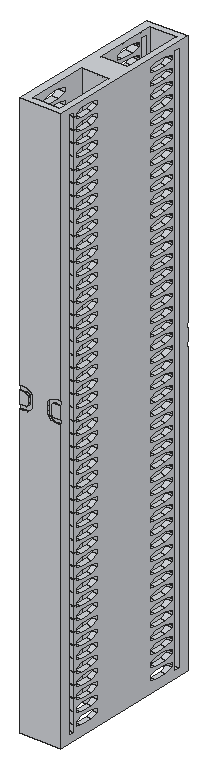
Revit family
Parameters
  Material ID = "760072785"
  Description = "Vertical Cable Management Kit, 6in X 84in (152mm X 2134mm) Double Sided, With Doors, Silver"
Reference planes (in)
  plane 1 "Center (Front/Back)": y = 0
  plane 2: z = 0
  plane 3 "Center (Left/Right)": x = 0
Forms (in)
  Extrusion 1, void, not visible
    sketch origin (0, 0, 0) x (1, 0, 0) y (0, 0, 1)
      loop
        line (-7.85662, 0.48089) -> (-7.85662, -0.39002) -> (-7.67285, -0.39002) -> (-7.67285, -0.64002) -> (-7.0736, -0.64002) -> (-7.0736, -0.39002) -> (-6.92978, -0.39002) -> (-6.92978, 0.48089) -> (-7.85662, 0.48089)
    from -3.79215 to 12
  Extrusion 2, void, not visible
    sketch origin (0, 0, 0) x (1, 0, 0) y (0, 0, 1)
      loop
        line (-8.21397, 0.42583) -> (-8.21397, -0.07417) -> (-8.08657, -0.07417) -> (-8.08657, -0.27417) -> (-7.83657, -0.27417) -> (-7.83657, -0.07417) -> (-7.72497, -0.07417) -> (-7.72497, 0.42583) -> (-8.21397, 0.42583)
    from 0.74059 to 3.34334
  Extrusion 3, solid
    sketch origin (0, 0, 0) x (1, 0, 0) y (0, 0, 1)
      loop
        line (-2, 42) -> (-2, -42) -> (4, -42) -> (4, 42) -> (-2, 42)
    from 0 to 23.5
  Extrusion 4, void
    sketch origin (-5.59283, 0, 42) x (0, 1, 0) y (1, 0, 0)
      loop
        line (-1, 4.74283) -> (-1, 8.74283) -> (-10, 8.74283) -> (-10, 4.74283) -> (-1, 4.74283)
      loop
        line (-22.5, 4.74283) -> (-13.5, 4.74283) -> (-13.5, 8.74283) -> (-22.5, 8.74283) -> (-22.5, 4.74283)
    from 0 to 110
  Extrusion 5, void
    sketch origin (4, 0, 20.63333) x (0, 0, 1) y (0, 1, 0)
      loop
        line (-61.63333, -2.51) -> (20.53667, -2.51) -> (20.53667, -1.54) -> (-61.63333, -1.54) -> (-61.63333, -2.51)
      loop
        line (-61.63333, -20.99) -> (-61.63333, -21.96) -> (20.53667, -21.96) -> (20.53667, -20.99) -> (-61.63333, -20.99)
    from 0 to 12
  Extrusion 6, void
    sketch origin (4, 0, 20.63333) x (0, 0, 1) y (0, 1, 0)
      loop
        line (20.18661, -6.98) -> (20.53667, -5.835) -> (20.53667, -4.905) -> (20.53667, -3.975) -> (20.18661, -2.83) -> (19.91167, -2.83) -> (19.91167, -2.2587) -> (19.81167, -2.2587) -> (19.81167, -2.83) -> (19.53673, -2.83) -> (19.18667, -3.975) -> (19.18667, -5.835) -> (19.53673, -6.98) -> (20.18661, -6.98)
      loop
        line (18.43661, -6.98) -> (18.78667, -5.835) -> (18.78667, -4.905) -> (18.78667, -3.975) -> (18.43661, -2.83) -> (18.16167, -2.83) -> (18.16167, -2.2587) -> (18.06167, -2.2587) -> (18.06167, -2.83) -> (17.78673, -2.83) -> (17.43667, -3.975) -> (17.43667, -5.835) -> (17.78673, -6.98) -> (18.43661, -6.98)
      loop
        line (16.68661, -6.98) -> (17.03667, -5.835) -> (17.03667, -4.905) -> (17.03667, -3.975) -> (16.68661, -2.83) -> (16.41167, -2.83) -> (16.41167, -2.2587) -> (16.31167, -2.2587) -> (16.31167, -2.83) -> (16.03673, -2.83) -> (15.68667, -3.975) -> (15.68667, -5.835) -> (16.03673, -6.98) -> (16.68661, -6.98)
      loop
        line (14.93661, -6.98) -> (15.28667, -5.835) -> (15.28667, -4.905) -> (15.28667, -3.975) -> (14.93661, -2.83) -> (14.66167, -2.83) -> (14.66167, -2.2587) -> (14.56167, -2.2587) -> (14.56167, -2.83) -> (14.28673, -2.83) -> (13.93667, -3.975) -> (13.93667, -5.835) -> (14.28673, -6.98) -> (14.93661, -6.98)
      loop
        line (13.18661, -6.98) -> (13.53667, -5.835) -> (13.53667, -4.905) -> (13.53667, -3.975) -> (13.18661, -2.83) -> (12.91167, -2.83) -> (12.91167, -2.2587) -> (12.81167, -2.2587) -> (12.81167, -2.83) -> (12.53673, -2.83) -> (12.18667, -3.975) -> (12.18667, -5.835) -> (12.53673, -6.98) -> (13.18661, -6.98)
      loop
        line (11.43661, -6.98) -> (11.78667, -5.835) -> (11.78667, -4.905) -> (11.78667, -3.975) -> (11.43661, -2.83) -> (11.16167, -2.83) -> (11.16167, -2.2587) -> (11.06167, -2.2587) -> (11.06167, -2.83) -> (10.78673, -2.83) -> (10.43667, -3.975) -> (10.43667, -5.835) -> (10.78673, -6.98) -> (11.43661, -6.98)
      loop
        line (9.68661, -6.98) -> (10.03667, -5.835) -> (10.03667, -4.905) -> (10.03667, -3.975) -> (9.68661, -2.83) -> (9.41167, -2.83) -> (9.41167, -2.2587) -> (9.31167, -2.2587) -> (9.31167, -2.83) -> (9.03673, -2.83) -> (8.68667, -3.975) -> (8.68667, -5.835) -> (9.03673, -6.98) -> (9.68661, -6.98)
      loop
        line (7.93661, -6.98) -> (8.28667, -5.835) -> (8.28667, -4.905) -> (8.28667, -3.975) -> (7.93661, -2.83) -> (7.66167, -2.83) -> (7.66167, -2.2587) -> (7.56167, -2.2587) -> (7.56167, -2.83) -> (7.28673, -2.83) -> (6.93667, -3.975) -> (6.93667, -5.835) -> (7.28673, -6.98) -> (7.93661, -6.98)
      loop
        line (6.18661, -6.98) -> (6.53667, -5.835) -> (6.53667, -4.905) -> (6.53667, -3.975) -> (6.18661, -2.83) -> (5.91167, -2.83) -> (5.91167, -2.2587) -> (5.81167, -2.2587) -> (5.81167, -2.83) -> (5.53673, -2.83) -> (5.18667, -3.975) -> (5.18667, -5.835) -> (5.53673, -6.98) -> (6.18661, -6.98)
      loop
        line (4.43661, -6.98) -> (4.78667, -5.835) -> (4.78667, -4.905) -> (4.78667, -3.975) -> (4.43661, -2.83) -> (4.16167, -2.83) -> (4.16167, -2.2587) -> (4.06167, -2.2587) -> (4.06167, -2.83) -> (3.78673, -2.83) -> (3.43667, -3.975) -> (3.43667, -5.835) -> (3.78673, -6.98) -> (4.43661, -6.98)
      loop
        line (2.68661, -6.98) -> (3.03667, -5.835) -> (3.03667, -4.905) -> (3.03667, -3.975) -> (2.68661, -2.83) -> (2.41167, -2.83) -> (2.41167, -2.2587) -> (2.31167, -2.2587) -> (2.31167, -2.83) -> (2.03673, -2.83) -> (1.68667, -3.975) -> (1.68667, -5.835) -> (2.03673, -6.98) -> (2.68661, -6.98)
      loop
        line (0.93661, -6.98) -> (1.28667, -5.835) -> (1.28667, -4.905) -> (1.28667, -3.975) -> (0.93661, -2.83) -> (0.66167, -2.83) -> (0.66167, -2.2587) -> (0.56167, -2.2587) -> (0.56167, -2.83) -> (0.28673, -2.83) -> (-0.06333, -3.975) -> (-0.06333, -5.835) -> (0.28673, -6.98) -> (0.93661, -6.98)
      loop
        line (-0.81339, -6.98) -> (-0.46333, -5.835) -> (-0.46333, -4.905) -> (-0.46333, -3.975) -> (-0.81339, -2.83) -> (-1.08833, -2.83) -> (-1.08833, -2.2587) -> (-1.18833, -2.2587) -> (-1.18833, -2.83) -> (-1.46327, -2.83) -> (-1.81333, -3.975) -> (-1.81333, -5.835) -> (-1.46327, -6.98) -> (-0.81339, -6.98)
      loop
        line (-2.56339, -6.98) -> (-2.21333, -5.835) -> (-2.21333, -4.905) -> (-2.21333, -3.975) -> (-2.56339, -2.83) -> (-2.83833, -2.83) -> (-2.83833, -2.2587) -> (-2.93833, -2.2587) -> (-2.93833, -2.83) -> (-3.21327, -2.83) -> (-3.56333, -3.975) -> (-3.56333, -5.835) -> (-3.21327, -6.98) -> (-2.56339, -6.98)
      loop
        line (-4.31339, -6.98) -> (-3.96333, -5.835) -> (-3.96333, -4.905) -> (-3.96333, -3.975) -> (-4.31339, -2.83) -> (-4.58833, -2.83) -> (-4.58833, -2.2587) -> (-4.68833, -2.2587) -> (-4.68833, -2.83) -> (-4.96327, -2.83) -> (-5.31333, -3.975) -> (-5.31333, -5.835) -> (-4.96327, -6.98) -> (-4.31339, -6.98)
      loop
        line (-6.06339, -6.98) -> (-5.71333, -5.835) -> (-5.71333, -4.905) -> (-5.71333, -3.975) -> (-6.06339, -2.83) -> (-6.33833, -2.83) -> (-6.33833, -2.2587) -> (-6.43833, -2.2587) -> (-6.43833, -2.83) -> (-6.71327, -2.83) -> (-7.06333, -3.975) -> (-7.06333, -5.835) -> (-6.71327, -6.98) -> (-6.06339, -6.98)
      loop
        line (-7.81339, -6.98) -> (-7.46333, -5.835) -> (-7.46333, -4.905) -> (-7.46333, -3.975) -> (-7.81339, -2.83) -> (-8.08833, -2.83) -> (-8.08833, -2.2587) -> (-8.18833, -2.2587) -> (-8.18833, -2.83) -> (-8.46327, -2.83) -> (-8.81333, -3.975) -> (-8.81333, -5.835) -> (-8.46327, -6.98) -> (-7.81339, -6.98)
      loop
        line (-9.56339, -6.98) -> (-9.21333, -5.835) -> (-9.21333, -4.905) -> (-9.21333, -3.975) -> (-9.56339, -2.83) -> (-9.83833, -2.83) -> (-9.83833, -2.2587) -> (-9.93833, -2.2587) -> (-9.93833, -2.83) -> (-10.21327, -2.83) -> (-10.56333, -3.975) -> (-10.56333, -5.835) -> (-10.21327, -6.98) -> (-9.56339, -6.98)
      loop
        line (-11.31339, -6.98) -> (-10.96333, -5.835) -> (-10.96333, -4.905) -> (-10.96333, -3.975) -> (-11.31339, -2.83) -> (-11.58833, -2.83) -> (-11.58833, -2.2587) -> (-11.68833, -2.2587) -> (-11.68833, -2.83) -> (-11.96327, -2.83) -> (-12.31333, -3.975) -> (-12.31333, -5.835) -> (-11.96327, -6.98) -> (-11.31339, -6.98)
      loop
        line (-13.06339, -6.98) -> (-12.71333, -5.835) -> (-12.71333, -4.905) -> (-12.71333, -3.975) -> (-13.06339, -2.83) -> (-13.33833, -2.83) -> (-13.33833, -2.2587) -> (-13.43833, -2.2587) -> (-13.43833, -2.83) -> (-13.71327, -2.83) -> (-14.06333, -3.975) -> (-14.06333, -5.835) -> (-13.71327, -6.98) -> (-13.06339, -6.98)
      loop
        line (-14.81339, -6.98) -> (-14.46333, -5.835) -> (-14.46333, -4.905) -> (-14.46333, -3.975) -> (-14.81339, -2.83) -> (-15.08833, -2.83) -> (-15.08833, -2.2587) -> (-15.18833, -2.2587) -> (-15.18833, -2.83) -> (-15.46327, -2.83) -> (-15.81333, -3.975) -> (-15.81333, -5.835) -> (-15.46327, -6.98) -> (-14.81339, -6.98)
      loop
        line (-16.56339, -6.98) -> (-16.21333, -5.835) -> (-16.21333, -4.905) -> (-16.21333, -3.975) -> (-16.56339, -2.83) -> (-16.83833, -2.83) -> (-16.83833, -2.2587) -> (-16.93833, -2.2587) -> (-16.93833, -2.83) -> (-17.21327, -2.83) -> (-17.56333, -3.975) -> (-17.56333, -5.835) -> (-17.21327, -6.98) -> (-16.56339, -6.98)
      loop
        line (-18.31339, -6.98) -> (-17.96333, -5.835) -> (-17.96333, -4.905) -> (-17.96333, -3.975) -> (-18.31339, -2.83) -> (-18.58833, -2.83) -> (-18.58833, -2.2587) -> (-18.68833, -2.2587) -> (-18.68833, -2.83) -> (-18.96327, -2.83) -> (-19.31333, -3.975) -> (-19.31333, -5.835) -> (-18.96327, -6.98) -> (-18.31339, -6.98)
      loop
        line (-20.06339, -6.98) -> (-19.71333, -5.835) -> (-19.71333, -4.905) -> (-19.71333, -3.975) -> (-20.06339, -2.83) -> (-20.33833, -2.83) -> (-20.33833, -2.2587) -> (-20.43833, -2.2587) -> (-20.43833, -2.83) -> (-20.71327, -2.83) -> (-21.06333, -3.975) -> (-21.06333, -5.835) -> (-20.71327, -6.98) -> (-20.06339, -6.98)
      loop
        line (-21.81339, -6.98) -> (-21.46333, -5.835) -> (-21.46333, -4.905) -> (-21.46333, -3.975) -> (-21.81339, -2.83) -> (-22.08833, -2.83) -> (-22.08833, -2.2587) -> (-22.18833, -2.2587) -> (-22.18833, -2.83) -> (-22.46327, -2.83) -> (-22.81333, -3.975) -> (-22.81333, -5.835) -> (-22.46327, -6.98) -> (-21.81339, -6.98)
      loop
        line (-23.56339, -6.98) -> (-23.21333, -5.835) -> (-23.21333, -4.905) -> (-23.21333, -3.975) -> (-23.56339, -2.83) -> (-23.83833, -2.83) -> (-23.83833, -2.2587) -> (-23.93833, -2.2587) -> (-23.93833, -2.83) -> (-24.21327, -2.83) -> (-24.56333, -3.975) -> (-24.56333, -5.835) -> (-24.21327, -6.98) -> (-23.56339, -6.98)
      loop
        line (-25.31339, -6.98) -> (-24.96333, -5.835) -> (-24.96333, -4.905) -> (-24.96333, -3.975) -> (-25.31339, -2.83) -> (-25.58833, -2.83) -> (-25.58833, -2.2587) -> (-25.68833, -2.2587) -> (-25.68833, -2.83) -> (-25.96327, -2.83) -> (-26.31333, -3.975) -> (-26.31333, -5.835) -> (-25.96327, -6.98) -> (-25.31339, -6.98)
      loop
        line (-27.06339, -6.98) -> (-26.71333, -5.835) -> (-26.71333, -4.905) -> (-26.71333, -3.975) -> (-27.06339, -2.83) -> (-27.33833, -2.83) -> (-27.33833, -2.2587) -> (-27.43833, -2.2587) -> (-27.43833, -2.83) -> (-27.71327, -2.83) -> (-28.06333, -3.975) -> (-28.06333, -5.835) -> (-27.71327, -6.98) -> (-27.06339, -6.98)
      loop
        line (-28.81339, -6.98) -> (-28.46333, -5.835) -> (-28.46333, -4.905) -> (-28.46333, -3.975) -> (-28.81339, -2.83) -> (-29.08833, -2.83) -> (-29.08833, -2.2587) -> (-29.18833, -2.2587) -> (-29.18833, -2.83) -> (-29.46327, -2.83) -> (-29.81333, -3.975) -> (-29.81333, -5.835) -> (-29.46327, -6.98) -> (-28.81339, -6.98)
      loop
        line (-30.56339, -6.98) -> (-30.21333, -5.835) -> (-30.21333, -4.905) -> (-30.21333, -3.975) -> (-30.56339, -2.83) -> (-30.83833, -2.83) -> (-30.83833, -2.2587) -> (-30.93833, -2.2587) -> (-30.93833, -2.83) -> (-31.21327, -2.83) -> (-31.56333, -3.975) -> (-31.56333, -5.835) -> (-31.21327, -6.98) -> (-30.56339, -6.98)
      loop
        line (-32.31339, -6.98) -> (-31.96333, -5.835) -> (-31.96333, -4.905) -> (-31.96333, -3.975) -> (-32.31339, -2.83) -> (-32.58833, -2.83) -> (-32.58833, -2.2587) -> (-32.68833, -2.2587) -> (-32.68833, -2.83) -> (-32.96327, -2.83) -> (-33.31333, -3.975) -> (-33.31333, -5.835) -> (-32.96327, -6.98) -> (-32.31339, -6.98)
      loop
        line (-34.06339, -6.98) -> (-33.71333, -5.835) -> (-33.71333, -4.905) -> (-33.71333, -3.975) -> (-34.06339, -2.83) -> (-34.33833, -2.83) -> (-34.33833, -2.2587) -> (-34.43833, -2.2587) -> (-34.43833, -2.83) -> (-34.71327, -2.83) -> (-35.06333, -3.975) -> (-35.06333, -5.835) -> (-34.71327, -6.98) -> (-34.06339, -6.98)
      loop
        line (-35.81339, -6.98) -> (-35.46333, -5.835) -> (-35.46333, -4.905) -> (-35.46333, -3.975) -> (-35.81339, -2.83) -> (-36.08833, -2.83) -> (-36.08833, -2.2587) -> (-36.18833, -2.2587) -> (-36.18833, -2.83) -> (-36.46327, -2.83) -> (-36.81333, -3.975) -> (-36.81333, -5.835) -> (-36.46327, -6.98) -> (-35.81339, -6.98)
      loop
        line (-37.56339, -6.98) -> (-37.21333, -5.835) -> (-37.21333, -4.905) -> (-37.21333, -3.975) -> (-37.56339, -2.83) -> (-37.83833, -2.83) -> (-37.83833, -2.2587) -> (-37.93833, -2.2587) -> (-37.93833, -2.83) -> (-38.21327, -2.83) -> (-38.56333, -3.975) -> (-38.56333, -5.835) -> (-38.21327, -6.98) -> (-37.56339, -6.98)
      loop
        line (-39.31339, -6.98) -> (-38.96333, -5.835) -> (-38.96333, -4.905) -> (-38.96333, -3.975) -> (-39.31339, -2.83) -> (-39.58833, -2.83) -> (-39.58833, -2.2587) -> (-39.68833, -2.2587) -> (-39.68833, -2.83) -> (-39.96327, -2.83) -> (-40.31333, -3.975) -> (-40.31333, -5.835) -> (-39.96327, -6.98) -> (-39.31339, -6.98)
      loop
        line (-41.06339, -6.98) -> (-40.71333, -5.835) -> (-40.71333, -4.905) -> (-40.71333, -3.975) -> (-41.06339, -2.83) -> (-41.33833, -2.83) -> (-41.33833, -2.2587) -> (-41.43833, -2.2587) -> (-41.43833, -2.83) -> (-41.71327, -2.83) -> (-42.06333, -3.975) -> (-42.06333, -5.835) -> (-41.71327, -6.98) -> (-41.06339, -6.98)
      loop
        line (-42.81339, -6.98) -> (-42.46333, -5.835) -> (-42.46333, -4.905) -> (-42.46333, -3.975) -> (-42.81339, -2.83) -> (-43.08833, -2.83) -> (-43.08833, -2.2587) -> (-43.18833, -2.2587) -> (-43.18833, -2.83) -> (-43.46327, -2.83) -> (-43.81333, -3.975) -> (-43.81333, -5.835) -> (-43.46327, -6.98) -> (-42.81339, -6.98)
      loop
        line (-44.56339, -6.98) -> (-44.21333, -5.835) -> (-44.21333, -4.905) -> (-44.21333, -3.975) -> (-44.56339, -2.83) -> (-44.83833, -2.83) -> (-44.83833, -2.2587) -> (-44.93833, -2.2587) -> (-44.93833, -2.83) -> (-45.21327, -2.83) -> (-45.56333, -3.975) -> (-45.56333, -5.835) -> (-45.21327, -6.98) -> (-44.56339, -6.98)
      loop
        line (-46.31339, -6.98) -> (-45.96333, -5.835) -> (-45.96333, -4.905) -> (-45.96333, -3.975) -> (-46.31339, -2.83) -> (-46.58833, -2.83) -> (-46.58833, -2.2587) -> (-46.68833, -2.2587) -> (-46.68833, -2.83) -> (-46.96327, -2.83) -> (-47.31333, -3.975) -> (-47.31333, -5.835) -> (-46.96327, -6.98) -> (-46.31339, -6.98)
      loop
        line (-48.06339, -6.98) -> (-47.71333, -5.835) -> (-47.71333, -4.905) -> (-47.71333, -3.975) -> (-48.06339, -2.83) -> (-48.33833, -2.83) -> (-48.33833, -2.2587) -> (-48.43833, -2.2587) -> (-48.43833, -2.83) -> (-48.71327, -2.83) -> (-49.06333, -3.975) -> (-49.06333, -5.835) -> (-48.71327, -6.98) -> (-48.06339, -6.98)
      loop
        line (-49.81339, -6.98) -> (-49.46333, -5.835) -> (-49.46333, -4.905) -> (-49.46333, -3.975) -> (-49.81339, -2.83) -> (-50.08833, -2.83) -> (-50.08833, -2.2587) -> (-50.18833, -2.2587) -> (-50.18833, -2.83) -> (-50.46327, -2.83) -> (-50.81333, -3.975) -> (-50.81333, -5.835) -> (-50.46327, -6.98) -> (-49.81339, -6.98)
      loop
        line (-51.56339, -6.98) -> (-51.21333, -5.835) -> (-51.21333, -4.905) -> (-51.21333, -3.975) -> (-51.56339, -2.83) -> (-51.83833, -2.83) -> (-51.83833, -2.2587) -> (-51.93833, -2.2587) -> (-51.93833, -2.83) -> (-52.21327, -2.83) -> (-52.56333, -3.975) -> (-52.56333, -5.835) -> (-52.21327, -6.98) -> (-51.56339, -6.98)
      loop
        line (-53.31339, -6.98) -> (-52.96333, -5.835) -> (-52.96333, -4.905) -> (-52.96333, -3.975) -> (-53.31339, -2.83) -> (-53.58833, -2.83) -> (-53.58833, -2.2587) -> (-53.68833, -2.2587) -> (-53.68833, -2.83) -> (-53.96327, -2.83) -> (-54.31333, -3.975) -> (-54.31333, -5.835) -> (-53.96327, -6.98) -> (-53.31339, -6.98)
      loop
        line (-55.06339, -6.98) -> (-54.71333, -5.835) -> (-54.71333, -4.905) -> (-54.71333, -3.975) -> (-55.06339, -2.83) -> (-55.33833, -2.83) -> (-55.33833, -2.2587) -> (-55.43833, -2.2587) -> (-55.43833, -2.83) -> (-55.71327, -2.83) -> (-56.06333, -3.975) -> (-56.06333, -5.835) -> (-55.71327, -6.98) -> (-55.06339, -6.98)
      loop
        line (-56.81339, -6.98) -> (-56.46333, -5.835) -> (-56.46333, -4.905) -> (-56.46333, -3.975) -> (-56.81339, -2.83) -> (-57.08833, -2.83) -> (-57.08833, -2.2587) -> (-57.18833, -2.2587) -> (-57.18833, -2.83) -> (-57.46327, -2.83) -> (-57.81333, -3.975) -> (-57.81333, -5.835) -> (-57.46327, -6.98) -> (-56.81339, -6.98)
      loop
        line (-58.56339, -6.98) -> (-58.21333, -5.835) -> (-58.21333, -4.905) -> (-58.21333, -3.975) -> (-58.56339, -2.83) -> (-58.83833, -2.83) -> (-58.83833, -2.2587) -> (-58.93833, -2.2587) -> (-58.93833, -2.83) -> (-59.21327, -2.83) -> (-59.56333, -3.975) -> (-59.56333, -5.835) -> (-59.21327, -6.98) -> (-58.56339, -6.98)
      loop
        line (-60.31339, -6.98) -> (-59.96333, -5.835) -> (-59.96333, -4.905) -> (-59.96333, -3.975) -> (-60.31339, -2.83) -> (-60.58833, -2.83) -> (-60.58833, -2.2587) -> (-60.68833, -2.2587) -> (-60.68833, -2.83) -> (-60.96327, -2.83) -> (-61.31333, -3.975) -> (-61.31333, -5.835) -> (-60.96327, -6.98) -> (-60.31339, -6.98)
      loop
        line (20.18661, -16.52) -> (19.53673, -16.52) -> (19.18667, -17.665) -> (19.18667, -19.525) -> (19.53673, -20.67) -> (19.81167, -20.67) -> (19.81167, -21.2413) -> (19.91167, -21.2413) -> (19.91167, -20.67) -> (20.18661, -20.67) -> (20.53667, -19.525) -> (20.53667, -18.595) -> (20.53667, -17.665) -> (20.18661, -16.52)
      loop
        line (18.43661, -16.52) -> (17.78673, -16.52) -> (17.43667, -17.665) -> (17.43667, -19.525) -> (17.78673, -20.67) -> (18.06167, -20.67) -> (18.06167, -21.2413) -> (18.16167, -21.2413) -> (18.16167, -20.67) -> (18.43661, -20.67) -> (18.78667, -19.525) -> (18.78667, -18.595) -> (18.78667, -17.665) -> (18.43661, -16.52)
      loop
        line (16.68661, -16.52) -> (16.03673, -16.52) -> (15.68667, -17.665) -> (15.68667, -19.525) -> (16.03673, -20.67) -> (16.31167, -20.67) -> (16.31167, -21.2413) -> (16.41167, -21.2413) -> (16.41167, -20.67) -> (16.68661, -20.67) -> (17.03667, -19.525) -> (17.03667, -18.595) -> (17.03667, -17.665) -> (16.68661, -16.52)
      loop
        line (14.93661, -16.52) -> (14.28673, -16.52) -> (13.93667, -17.665) -> (13.93667, -19.525) -> (14.28673, -20.67) -> (14.56167, -20.67) -> (14.56167, -21.2413) -> (14.66167, -21.2413) -> (14.66167, -20.67) -> (14.93661, -20.67) -> (15.28667, -19.525) -> (15.28667, -18.595) -> (15.28667, -17.665) -> (14.93661, -16.52)
      loop
        line (13.18661, -16.52) -> (12.53673, -16.52) -> (12.18667, -17.665) -> (12.18667, -19.525) -> (12.53673, -20.67) -> (12.81167, -20.67) -> (12.81167, -21.2413) -> (12.91167, -21.2413) -> (12.91167, -20.67) -> (13.18661, -20.67) -> (13.53667, -19.525) -> (13.53667, -18.595) -> (13.53667, -17.665) -> (13.18661, -16.52)
      loop
        line (11.43661, -16.52) -> (10.78673, -16.52) -> (10.43667, -17.665) -> (10.43667, -19.525) -> (10.78673, -20.67) -> (11.06167, -20.67) -> (11.06167, -21.2413) -> (11.16167, -21.2413) -> (11.16167, -20.67) -> (11.43661, -20.67) -> (11.78667, -19.525) -> (11.78667, -18.595) -> (11.78667, -17.665) -> (11.43661, -16.52)
      loop
        line (9.68661, -16.52) -> (9.03673, -16.52) -> (8.68667, -17.665) -> (8.68667, -19.525) -> (9.03673, -20.67) -> (9.31167, -20.67) -> (9.31167, -21.2413) -> (9.41167, -21.2413) -> (9.41167, -20.67) -> (9.68661, -20.67) -> (10.03667, -19.525) -> (10.03667, -18.595) -> (10.03667, -17.665) -> (9.68661, -16.52)
      loop
        line (7.93661, -16.52) -> (7.28673, -16.52) -> (6.93667, -17.665) -> (6.93667, -19.525) -> (7.28673, -20.67) -> (7.56167, -20.67) -> (7.56167, -21.2413) -> (7.66167, -21.2413) -> (7.66167, -20.67) -> (7.93661, -20.67) -> (8.28667, -19.525) -> (8.28667, -18.595) -> (8.28667, -17.665) -> (7.93661, -16.52)
      loop
        line (6.18661, -16.52) -> (5.53673, -16.52) -> (5.18667, -17.665) -> (5.18667, -19.525) -> (5.53673, -20.67) -> (5.81167, -20.67) -> (5.81167, -21.2413) -> (5.91167, -21.2413) -> (5.91167, -20.67) -> (6.18661, -20.67) -> (6.53667, -19.525) -> (6.53667, -18.595) -> (6.53667, -17.665) -> (6.18661, -16.52)
      loop
        line (4.43661, -16.52) -> (3.78673, -16.52) -> (3.43667, -17.665) -> (3.43667, -19.525) -> (3.78673, -20.67) -> (4.06167, -20.67) -> (4.06167, -21.2413) -> (4.16167, -21.2413) -> (4.16167, -20.67) -> (4.43661, -20.67) -> (4.78667, -19.525) -> (4.78667, -18.595) -> (4.78667, -17.665) -> (4.43661, -16.52)
      loop
        line (2.68661, -16.52) -> (2.03673, -16.52) -> (1.68667, -17.665) -> (1.68667, -19.525) -> (2.03673, -20.67) -> (2.31167, -20.67) -> (2.31167, -21.2413) -> (2.41167, -21.2413) -> (2.41167, -20.67) -> (2.68661, -20.67) -> (3.03667, -19.525) -> (3.03667, -18.595) -> (3.03667, -17.665) -> (2.68661, -16.52)
      loop
        line (0.93661, -16.52) -> (0.28673, -16.52) -> (-0.06333, -17.665) -> (-0.06333, -19.525) -> (0.28673, -20.67) -> (0.56167, -20.67) -> (0.56167, -21.2413) -> (0.66167, -21.2413) -> (0.66167, -20.67) -> (0.93661, -20.67) -> (1.28667, -19.525) -> (1.28667, -18.595) -> (1.28667, -17.665) -> (0.93661, -16.52)
      loop
        line (-0.81339, -16.52) -> (-1.46327, -16.52) -> (-1.81333, -17.665) -> (-1.81333, -19.525) -> (-1.46327, -20.67) -> (-1.18833, -20.67) -> (-1.18833, -21.2413) -> (-1.08833, -21.2413) -> (-1.08833, -20.67) -> (-0.81339, -20.67) -> (-0.46333, -19.525) -> (-0.46333, -18.595) -> (-0.46333, -17.665) -> (-0.81339, -16.52)
      loop
        line (-2.56339, -16.52) -> (-3.21327, -16.52) -> (-3.56333, -17.665) -> (-3.56333, -19.525) -> (-3.21327, -20.67) -> (-2.93833, -20.67) -> (-2.93833, -21.2413) -> (-2.83833, -21.2413) -> (-2.83833, -20.67) -> (-2.56339, -20.67) -> (-2.21333, -19.525) -> (-2.21333, -18.595) -> (-2.21333, -17.665) -> (-2.56339, -16.52)
      loop
        line (-4.31339, -16.52) -> (-4.96327, -16.52) -> (-5.31333, -17.665) -> (-5.31333, -19.525) -> (-4.96327, -20.67) -> (-4.68833, -20.67) -> (-4.68833, -21.2413) -> (-4.58833, -21.2413) -> (-4.58833, -20.67) -> (-4.31339, -20.67) -> (-3.96333, -19.525) -> (-3.96333, -18.595) -> (-3.96333, -17.665) -> (-4.31339, -16.52)
      loop
        line (-6.06339, -16.52) -> (-6.71327, -16.52) -> (-7.06333, -17.665) -> (-7.06333, -19.525) -> (-6.71327, -20.67) -> (-6.43833, -20.67) -> (-6.43833, -21.2413) -> (-6.33833, -21.2413) -> (-6.33833, -20.67) -> (-6.06339, -20.67) -> (-5.71333, -19.525) -> (-5.71333, -18.595) -> (-5.71333, -17.665) -> (-6.06339, -16.52)
      loop
        line (-7.81339, -16.52) -> (-8.46327, -16.52) -> (-8.81333, -17.665) -> (-8.81333, -19.525) -> (-8.46327, -20.67) -> (-8.18833, -20.67) -> (-8.18833, -21.2413) -> (-8.08833, -21.2413) -> (-8.08833, -20.67) -> (-7.81339, -20.67) -> (-7.46333, -19.525) -> (-7.46333, -18.595) -> (-7.46333, -17.665) -> (-7.81339, -16.52)
      loop
        line (-9.56339, -16.52) -> (-10.21327, -16.52) -> (-10.56333, -17.665) -> (-10.56333, -19.525) -> (-10.21327, -20.67) -> (-9.93833, -20.67) -> (-9.93833, -21.2413) -> (-9.83833, -21.2413) -> (-9.83833, -20.67) -> (-9.56339, -20.67) -> (-9.21333, -19.525) -> (-9.21333, -18.595) -> (-9.21333, -17.665) -> (-9.56339, -16.52)
      loop
        line (-11.31339, -16.52) -> (-11.96327, -16.52) -> (-12.31333, -17.665) -> (-12.31333, -19.525) -> (-11.96327, -20.67) -> (-11.68833, -20.67) -> (-11.68833, -21.2413) -> (-11.58833, -21.2413) -> (-11.58833, -20.67) -> (-11.31339, -20.67) -> (-10.96333, -19.525) -> (-10.96333, -18.595) -> (-10.96333, -17.665) -> (-11.31339, -16.52)
      loop
        line (-13.06339, -16.52) -> (-13.71327, -16.52) -> (-14.06333, -17.665) -> (-14.06333, -19.525) -> (-13.71327, -20.67) -> (-13.43833, -20.67) -> (-13.43833, -21.2413) -> (-13.33833, -21.2413) -> (-13.33833, -20.67) -> (-13.06339, -20.67) -> (-12.71333, -19.525) -> (-12.71333, -18.595) -> (-12.71333, -17.665) -> (-13.06339, -16.52)
      loop
        line (-14.81339, -16.52) -> (-15.46327, -16.52) -> (-15.81333, -17.665) -> (-15.81333, -19.525) -> (-15.46327, -20.67) -> (-15.18833, -20.67) -> (-15.18833, -21.2413) -> (-15.08833, -21.2413) -> (-15.08833, -20.67) -> (-14.81339, -20.67) -> (-14.46333, -19.525) -> (-14.46333, -18.595) -> (-14.46333, -17.665) -> (-14.81339, -16.52)
      loop
        line (-16.56339, -16.52) -> (-17.21327, -16.52) -> (-17.56333, -17.665) -> (-17.56333, -19.525) -> (-17.21327, -20.67) -> (-16.93833, -20.67) -> (-16.93833, -21.2413) -> (-16.83833, -21.2413) -> (-16.83833, -20.67) -> (-16.56339, -20.67) -> (-16.21333, -19.525) -> (-16.21333, -18.595) -> (-16.21333, -17.665) -> (-16.56339, -16.52)
      loop
        line (-18.31339, -16.52) -> (-18.96327, -16.52) -> (-19.31333, -17.665) -> (-19.31333, -19.525) -> (-18.96327, -20.67) -> (-18.68833, -20.67) -> (-18.68833, -21.2413) -> (-18.58833, -21.2413) -> (-18.58833, -20.67) -> (-18.31339, -20.67) -> (-17.96333, -19.525) -> (-17.96333, -18.595) -> (-17.96333, -17.665) -> (-18.31339, -16.52)
      loop
        line (-20.06339, -16.52) -> (-20.71327, -16.52) -> (-21.06333, -17.665) -> (-21.06333, -19.525) -> (-20.71327, -20.67) -> (-20.43833, -20.67) -> (-20.43833, -21.2413) -> (-20.33833, -21.2413) -> (-20.33833, -20.67) -> (-20.06339, -20.67) -> (-19.71333, -19.525) -> (-19.71333, -18.595) -> (-19.71333, -17.665) -> (-20.06339, -16.52)
      loop
        line (-21.81339, -16.52) -> (-22.46327, -16.52) -> (-22.81333, -17.665) -> (-22.81333, -19.525) -> (-22.46327, -20.67) -> (-22.18833, -20.67) -> (-22.18833, -21.2413) -> (-22.08833, -21.2413) -> (-22.08833, -20.67) -> (-21.81339, -20.67) -> (-21.46333, -19.525) -> (-21.46333, -18.595) -> (-21.46333, -17.665) -> (-21.81339, -16.52)
      loop
        line (-23.56339, -16.52) -> (-24.21327, -16.52) -> (-24.56333, -17.665) -> (-24.56333, -19.525) -> (-24.21327, -20.67) -> (-23.93833, -20.67) -> (-23.93833, -21.2413) -> (-23.83833, -21.2413) -> (-23.83833, -20.67) -> (-23.56339, -20.67) -> (-23.21333, -19.525) -> (-23.21333, -18.595) -> (-23.21333, -17.665) -> (-23.56339, -16.52)
      loop
        line (-25.31339, -16.52) -> (-25.96327, -16.52) -> (-26.31333, -17.665) -> (-26.31333, -19.525) -> (-25.96327, -20.67) -> (-25.68833, -20.67) -> (-25.68833, -21.2413) -> (-25.58833, -21.2413) -> (-25.58833, -20.67) -> (-25.31339, -20.67) -> (-24.96333, -19.525) -> (-24.96333, -18.595) -> (-24.96333, -17.665) -> (-25.31339, -16.52)
      loop
        line (-27.06339, -16.52) -> (-27.71327, -16.52) -> (-28.06333, -17.665) -> (-28.06333, -19.525) -> (-27.71327, -20.67) -> (-27.43833, -20.67) -> (-27.43833, -21.2413) -> (-27.33833, -21.2413) -> (-27.33833, -20.67) -> (-27.06339, -20.67) -> (-26.71333, -19.525) -> (-26.71333, -18.595) -> (-26.71333, -17.665) -> (-27.06339, -16.52)
      loop
        line (-28.81339, -16.52) -> (-29.46327, -16.52) -> (-29.81333, -17.665) -> (-29.81333, -19.525) -> (-29.46327, -20.67) -> (-29.18833, -20.67) -> (-29.18833, -21.2413) -> (-29.08833, -21.2413) -> (-29.08833, -20.67) -> (-28.81339, -20.67) -> (-28.46333, -19.525) -> (-28.46333, -18.595) -> (-28.46333, -17.665) -> (-28.81339, -16.52)
      loop
        line (-30.56339, -16.52) -> (-31.21327, -16.52) -> (-31.56333, -17.665) -> (-31.56333, -19.525) -> (-31.21327, -20.67) -> (-30.93833, -20.67) -> (-30.93833, -21.2413) -> (-30.83833, -21.2413) -> (-30.83833, -20.67) -> (-30.56339, -20.67) -> (-30.21333, -19.525) -> (-30.21333, -18.595) -> (-30.21333, -17.665) -> (-30.56339, -16.52)
      loop
        line (-32.31339, -16.52) -> (-32.96327, -16.52) -> (-33.31333, -17.665) -> (-33.31333, -19.525) -> (-32.96327, -20.67) -> (-32.68833, -20.67) -> (-32.68833, -21.2413) -> (-32.58833, -21.2413) -> (-32.58833, -20.67) -> (-32.31339, -20.67) -> (-31.96333, -19.525) -> (-31.96333, -18.595) -> (-31.96333, -17.665) -> (-32.31339, -16.52)
      loop
        line (-34.06339, -16.52) -> (-34.71327, -16.52) -> (-35.06333, -17.665) -> (-35.06333, -19.525) -> (-34.71327, -20.67) -> (-34.43833, -20.67) -> (-34.43833, -21.2413) -> (-34.33833, -21.2413) -> (-34.33833, -20.67) -> (-34.06339, -20.67) -> (-33.71333, -19.525) -> (-33.71333, -18.595) -> (-33.71333, -17.665) -> (-34.06339, -16.52)
      loop
        line (-35.81339, -16.52) -> (-36.46327, -16.52) -> (-36.81333, -17.665) -> (-36.81333, -19.525) -> (-36.46327, -20.67) -> (-36.18833, -20.67) -> (-36.18833, -21.2413) -> (-36.08833, -21.2413) -> (-36.08833, -20.67) -> (-35.81339, -20.67) -> (-35.46333, -19.525) -> (-35.46333, -18.595) -> (-35.46333, -17.665) -> (-35.81339, -16.52)
      loop
        line (-37.56339, -16.52) -> (-38.21327, -16.52) -> (-38.56333, -17.665) -> (-38.56333, -19.525) -> (-38.21327, -20.67) -> (-37.93833, -20.67) -> (-37.93833, -21.2413) -> (-37.83833, -21.2413) -> (-37.83833, -20.67) -> (-37.56339, -20.67) -> (-37.21333, -19.525) -> (-37.21333, -18.595) -> (-37.21333, -17.665) -> (-37.56339, -16.52)
      loop
        line (-39.31339, -16.52) -> (-39.96327, -16.52) -> (-40.31333, -17.665) -> (-40.31333, -19.525) -> (-39.96327, -20.67) -> (-39.68833, -20.67) -> (-39.68833, -21.2413) -> (-39.58833, -21.2413) -> (-39.58833, -20.67) -> (-39.31339, -20.67) -> (-38.96333, -19.525) -> (-38.96333, -18.595) -> (-38.96333, -17.665) -> (-39.31339, -16.52)
      loop
        line (-41.06339, -16.52) -> (-41.71327, -16.52) -> (-42.06333, -17.665) -> (-42.06333, -19.525) -> (-41.71327, -20.67) -> (-41.43833, -20.67) -> (-41.43833, -21.2413) -> (-41.33833, -21.2413) -> (-41.33833, -20.67) -> (-41.06339, -20.67) -> (-40.71333, -19.525) -> (-40.71333, -18.595) -> (-40.71333, -17.665) -> (-41.06339, -16.52)
      loop
        line (-42.81339, -16.52) -> (-43.46327, -16.52) -> (-43.81333, -17.665) -> (-43.81333, -19.525) -> (-43.46327, -20.67) -> (-43.18833, -20.67) -> (-43.18833, -21.2413) -> (-43.08833, -21.2413) -> (-43.08833, -20.67) -> (-42.81339, -20.67) -> (-42.46333, -19.525) -> (-42.46333, -18.595) -> (-42.46333, -17.665) -> (-42.81339, -16.52)
      loop
        line (-44.56339, -16.52) -> (-45.21327, -16.52) -> (-45.56333, -17.665) -> (-45.56333, -19.525) -> (-45.21327, -20.67) -> (-44.93833, -20.67) -> (-44.93833, -21.2413) -> (-44.83833, -21.2413) -> (-44.83833, -20.67) -> (-44.56339, -20.67) -> (-44.21333, -19.525) -> (-44.21333, -18.595) -> (-44.21333, -17.665) -> (-44.56339, -16.52)
      loop
        line (-46.31339, -16.52) -> (-46.96327, -16.52) -> (-47.31333, -17.665) -> (-47.31333, -19.525) -> (-46.96327, -20.67) -> (-46.68833, -20.67) -> (-46.68833, -21.2413) -> (-46.58833, -21.2413) -> (-46.58833, -20.67) -> (-46.31339, -20.67) -> (-45.96333, -19.525) -> (-45.96333, -18.595) -> (-45.96333, -17.665) -> (-46.31339, -16.52)
      loop
        line (-48.06339, -16.52) -> (-48.71327, -16.52) -> (-49.06333, -17.665) -> (-49.06333, -19.525) -> (-48.71327, -20.67) -> (-48.43833, -20.67) -> (-48.43833, -21.2413) -> (-48.33833, -21.2413) -> (-48.33833, -20.67) -> (-48.06339, -20.67) -> (-47.71333, -19.525) -> (-47.71333, -18.595) -> (-47.71333, -17.665) -> (-48.06339, -16.52)
      loop
        line (-49.81339, -16.52) -> (-50.46327, -16.52) -> (-50.81333, -17.665) -> (-50.81333, -19.525) -> (-50.46327, -20.67) -> (-50.18833, -20.67) -> (-50.18833, -21.2413) -> (-50.08833, -21.2413) -> (-50.08833, -20.67) -> (-49.81339, -20.67) -> (-49.46333, -19.525) -> (-49.46333, -18.595) -> (-49.46333, -17.665) -> (-49.81339, -16.52)
      loop
        line (-51.56339, -16.52) -> (-52.21327, -16.52) -> (-52.56333, -17.665) -> (-52.56333, -19.525) -> (-52.21327, -20.67) -> (-51.93833, -20.67) -> (-51.93833, -21.2413) -> (-51.83833, -21.2413) -> (-51.83833, -20.67) -> (-51.56339, -20.67) -> (-51.21333, -19.525) -> (-51.21333, -18.595) -> (-51.21333, -17.665) -> (-51.56339, -16.52)
      loop
        line (-53.31339, -16.52) -> (-53.96327, -16.52) -> (-54.31333, -17.665) -> (-54.31333, -19.525) -> (-53.96327, -20.67) -> (-53.68833, -20.67) -> (-53.68833, -21.2413) -> (-53.58833, -21.2413) -> (-53.58833, -20.67) -> (-53.31339, -20.67) -> (-52.96333, -19.525) -> (-52.96333, -18.595) -> (-52.96333, -17.665) -> (-53.31339, -16.52)
      loop
        line (-55.06339, -16.52) -> (-55.71327, -16.52) -> (-56.06333, -17.665) -> (-56.06333, -19.525) -> (-55.71327, -20.67) -> (-55.43833, -20.67) -> (-55.43833, -21.2413) -> (-55.33833, -21.2413) -> (-55.33833, -20.67) -> (-55.06339, -20.67) -> (-54.71333, -19.525) -> (-54.71333, -18.595) -> (-54.71333, -17.665) -> (-55.06339, -16.52)
      loop
        line (-56.81339, -16.52) -> (-57.46327, -16.52) -> (-57.81333, -17.665) -> (-57.81333, -19.525) -> (-57.46327, -20.67) -> (-57.18833, -20.67) -> (-57.18833, -21.2413) -> (-57.08833, -21.2413) -> (-57.08833, -20.67) -> (-56.81339, -20.67) -> (-56.46333, -19.525) -> (-56.46333, -18.595) -> (-56.46333, -17.665) -> (-56.81339, -16.52)
      loop
        line (-58.56339, -16.52) -> (-59.21327, -16.52) -> (-59.56333, -17.665) -> (-59.56333, -19.525) -> (-59.21327, -20.67) -> (-58.93833, -20.67) -> (-58.93833, -21.2413) -> (-58.83833, -21.2413) -> (-58.83833, -20.67) -> (-58.56339, -20.67) -> (-58.21333, -19.525) -> (-58.21333, -18.595) -> (-58.21333, -17.665) -> (-58.56339, -16.52)
      loop
        line (-60.31339, -16.52) -> (-60.96327, -16.52) -> (-61.31333, -17.665) -> (-61.31333, -19.525) -> (-60.96327, -20.67) -> (-60.68833, -20.67) -> (-60.68833, -21.2413) -> (-60.58833, -21.2413) -> (-60.58833, -20.67) -> (-60.31339, -20.67) -> (-59.96333, -19.525) -> (-59.96333, -18.595) -> (-59.96333, -17.665) -> (-60.31339, -16.52)
    from 0 to 12
  Extrusion 7, void
    sketch origin (0, 0, 0) x (-1, 0, 0) y (0, 0, -1)
      loop
        line (-4, -3.97624) -> (-3.27826, -3.97624)
        arc (-3.27826, -3.97624) -> (-2.40808, -3.6158) -> (-2.04764, -2.74561) r 1.23063
        line (-2.04764, -2.74561) -> (-2.04764, -2.08094)
        arc (-2.04764, -2.08094) -> (-2.40789, -1.2112) -> (-3.27764, -0.85094) r 1.23
        line (-3.27764, -0.85094) -> (-4, -0.85094) -> (-4, -1.50094) -> (-3.19764, -1.50094)
        arc (-3.19764, -1.50094) -> (-2.84408, -1.64739) -> (-2.69764, -2.00094) r 0.5
        line (-2.69764, -2.00094) -> (-2.69764, -2.82624)
        arc (-2.69764, -2.82624) -> (-2.84408, -3.17979) -> (-3.19764, -3.32624) r 0.5
        line (-3.19764, -3.32624) -> (-4, -3.32624) -> (-4, -3.97624)
      loop
        line (2, -3.97624) -> (2, -3.32624) -> (1.19764, -3.32624)
        arc (1.19764, -3.32624) -> (0.84408, -3.17979) -> (0.69764, -2.82624) r 0.5
        line (0.69764, -2.82624) -> (0.69764, -2.00094)
        arc (0.69764, -2.00094) -> (0.84408, -1.64739) -> (1.19764, -1.50094) r 0.5
        line (1.19764, -1.50094) -> (2, -1.50094) -> (2, -0.85094) -> (1.27764, -0.85094)
        arc (1.27764, -0.85094) -> (0.40789, -1.2112) -> (0.04764, -2.08094) r 1.23
        line (0.04764, -2.08094) -> (0.04764, -2.74561)
        arc (0.04764, -2.74561) -> (0.40808, -3.6158) -> (1.27826, -3.97624) r 1.23063
        line (1.27826, -3.97624) -> (2, -3.97624)
    from 0 to 0.2
  Extrusion 8, void
    sketch origin (0, -23.5, 0) x (-1, 0, 0) y (0, 0, 1)
      loop
        line (-4, 3.97624) -> (-4, 3.32624) -> (-3.19764, 3.32624)
        arc (-3.19764, 3.32624) -> (-2.84408, 3.17979) -> (-2.69764, 2.82624) r 0.5
        line (-2.69764, 2.82624) -> (-2.69764, 2.00094)
        arc (-2.69764, 2.00094) -> (-2.84408, 1.64739) -> (-3.19764, 1.50094) r 0.5
        line (-3.19764, 1.50094) -> (-4, 1.50094) -> (-4, 0.85094) -> (-3.27764, 0.85094)
        arc (-3.27764, 0.85094) -> (-2.40789, 1.2112) -> (-2.04764, 2.08094) r 1.23
        line (-2.04764, 2.08094) -> (-2.04764, 2.74561)
        arc (-2.04764, 2.74561) -> (-2.40808, 3.6158) -> (-3.27826, 3.97624) r 1.23063
        line (-3.27826, 3.97624) -> (-4, 3.97624)
      loop
        line (2, 3.97624) -> (1.27826, 3.97624)
        arc (1.27826, 3.97624) -> (0.40808, 3.6158) -> (0.04764, 2.74561) r 1.23063
        line (0.04764, 2.74561) -> (0.04764, 2.08094)
        arc (0.04764, 2.08094) -> (0.40789, 1.2112) -> (1.27764, 0.85094) r 1.23
        line (1.27764, 0.85094) -> (2, 0.85094) -> (2, 1.50094) -> (1.19764, 1.50094)
        arc (1.19764, 1.50094) -> (0.84408, 1.64739) -> (0.69764, 2.00094) r 0.5
        line (0.69764, 2.00094) -> (0.69764, 2.82624)
        arc (0.69764, 2.82624) -> (0.84408, 3.17979) -> (1.19764, 3.32624) r 0.5
        line (1.19764, 3.32624) -> (2, 3.32624) -> (2, 3.97624)
    from 0 to 0.2
Cuts and joins
  Extrusion 4, Extrusion 5, Extrusion 6, Extrusion 7, Extrusion 8 cuts Extrusion 3
Dimensions and locks (in)
  cut or joined group of Extrusion 3, Extrusion 4, Extrusion 5, Extrusion 6, Extrusion 7, Extrusion 8 to cut or joined group of Extrusion 3, Extrusion 4, Extrusion 5, Extrusion 6, Extrusion 7, Extrusion 8 = 84"
